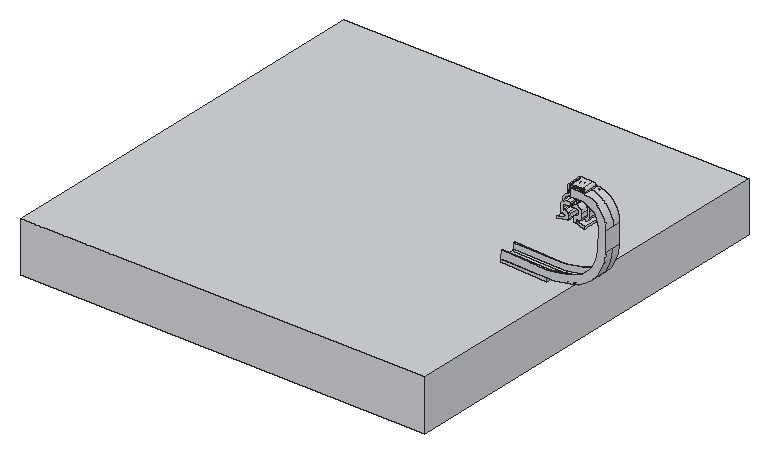
Revit family "CronsteinContactRail", category Обобщенные модели, Revit 2019
Family settings
  Основа = Грань
  Может служить основой для арматурных стержней = Нет
  Размер круглого соединителя = Использовать диаметр
  Тип детали = Нормальный
  При загрузке вырезать с полостями = Нет
  Общий = Нет
  Точка расчета площади = Нет
Parameters (values of type "CCRail")
  Default Elevation = 1219.2 mm
Reference planes
  plane 1 "По центру (Вперед/Назад)": y = 0
  plane 2: z = 0
  plane 3 "По центру (Влево/Вправо)": x = 0
Forms (mm)
  Extrusion 1, solid
    sketch origin (0, 0, 0) x (1, 0, 0) y (0, 1, 0)
      loop
        line (-1219.2, 1219.2) -> (-1219.2, -1219.2) -> (1219.2, -1219.2) -> (1219.2, 1219.2) -> (-1219.2, 1219.2)
    from 0 to -304.8
  Sweep 2, solid
    path origin (1001.145, -94.964, 23.295) x (0.99955, 0, -0.029986) y (0.029986, 0, 0.99955)
      loop
        line (225.956, 540) -> (289.956, 540)
        arc (289.956, 540) -> (396.022, 496.066) -> (439.956, 390) r 150
        line (439.956, 390) -> (439.956, 268)
        arc (439.956, 268) -> (382.918, 110.197) -> (238.956, 24) r 250
        line (238.956, 24) -> (144.956, 5)
        arc (144.956, 5) -> (120.086, 1.241) -> (94.964, 0) r 250
        line (94.964, 0) -> (-180.044, 0)
    profile origin (1275.177, -94.964, 555.317) x (0.029986, 0, 0.99955) y (0, -1, 0)
      loop
        line (0, 0) -> (0, 50) -> (-46, 50) -> (-46, 42.4) -> (-11.5, 42.4)
        arc (-11.5, 42.4) -> (-6.55, 40.35) -> (-4.5, 35.4) r 7
        line (-4.5, 35.4) -> (-4.5, -35.4)
        arc (-4.5, -35.4) -> (-6.55, -40.35) -> (-11.5, -42.4) r 7
        line (-11.5, -42.4) -> (-46, -42.4) -> (-46, -50) -> (0, -50) -> (0, 0)
  Sweep 3, solid
    path origin (1243.042, -94.964, 551.279) x (-0.029986, 0, -0.99955) y (0, -1, 0)
      loop
        line (4.5, 40) -> (4.5, 0) -> (4.5, -40)
    profile origin (1242.907, -74.964, 546.781) x (-0.029986, 0, -0.99955) y (-0.99955, 0, 0.029986)
      loop
        arc (28.5, -54) -> (36.985, -50.485) -> (40.5, -42) r 12
        line (40.5, -42) -> (40.5, -6)
        arc (40.5, -6) -> (36.985, 2.485) -> (28.5, 6) r 12
        line (28.5, 6) -> (-2.5, 6) -> (-4.5, 4) -> (-4.5, 3) -> (0.5, 0) -> (28.5, 0)
        arc (28.5, 0) -> (32.743, -1.757) -> (34.5, -6) r 6
        line (34.5, -6) -> (34.5, -42)
        arc (34.5, -42) -> (32.743, -46.243) -> (28.5, -48) r 6
        line (28.5, -48) -> (0.5, -48) -> (-3.899, -50.639) -> (-3.899, -52.601) -> (-2.5, -54) -> (28.5, -54)
  Sweep 4, solid
    path origin (1243.042, -94.964, 551.279) x (-0.029986, 0, -0.99955) y (0, -1, 0)
      loop
        line (46, -40) -> (46, 40)
    profile origin (1241.662, -94.964, 505.299) x (0.029986, 0, 0.99955) y (-0.99955, 0, 0.029986)
      loop
        arc (-91.2, 18.014) -> (-89.827, 18.353) -> (-89.021, 19.515) r 2
        line (-89.021, 19.515) -> (-84.612, 37.153)
        arc (-84.612, 37.153) -> (-80, 44.247) -> (-72, 47) r 13
        line (-72, 47) -> (-40, 47)
        arc (-40, 47) -> (-16.8, 39.096) -> (-3.252, 18.673) r 38
        line (-3.252, 18.673) -> (13.188, 6) -> (45, 6)
        arc (45, 6) -> (45.707, 5.707) -> (46, 5) r 1
        line (46, 5) -> (46, -12)
        arc (46, -12) -> (46.586, -13.414) -> (48, -14) r 2
        line (48, -14) -> (56, -14)
        arc (56, -14) -> (57.414, -13.414) -> (58, -12) r 2
        line (58, -12) -> (58, 5)
        arc (58, 5) -> (54.192, 14.192) -> (45, 18) r 13
        line (45, 18) -> (13.188, 18)
        arc (13.188, 18) -> (10.136, 19.04) -> (8.353, 21.727) r 5
        arc (8.353, 21.727) -> (-9.474, 48.6) -> (-40, 59) r 50
        line (-40, 59) -> (-72, 59)
        arc (-72, 59) -> (-89.678, 51.678) -> (-97, 34) r 25
        line (-97, 34) -> (-93.379, 19.515)
        arc (-93.379, 19.515) -> (-92.573, 18.353) -> (-91.2, 18.014) r 2
  Sweep 5, solid
    path origin (1291.02, -94.964, 549.839) x (-0.029986, 0, -0.99955) y (0, 1, 0)
      loop
        line (46, 40) -> (46, -40)
    profile origin (1289.641, -94.964, 503.86) x (-0.029986, 0, -0.99955) y (0.99955, 0, -0.029986)
      loop
        arc (91.2, 18.014) -> (92.573, 18.353) -> (93.379, 19.515) r 2
        line (93.379, 19.515) -> (97, 34)
        arc (97, 34) -> (89.678, 51.678) -> (72, 59) r 25
        line (72, 59) -> (40, 59)
        arc (40, 59) -> (9.474, 48.6) -> (-8.353, 21.727) r 50
        arc (-8.353, 21.727) -> (-10.136, 19.04) -> (-13.188, 18) r 5
        line (-13.188, 18) -> (-45, 18)
        arc (-45, 18) -> (-54.192, 14.192) -> (-58, 5) r 13
        line (-58, 5) -> (-58, -12)
        arc (-58, -12) -> (-57.414, -13.414) -> (-56, -14) r 2
        line (-56, -14) -> (-48, -14)
        arc (-48, -14) -> (-46.586, -13.414) -> (-46, -12) r 2
        line (-46, -12) -> (-46, 5)
        arc (-46, 5) -> (-45.707, 5.707) -> (-45, 6) r 1
        line (-45, 6) -> (-13.188, 6) -> (3.252, 18.673)
        arc (3.252, 18.673) -> (16.8, 39.096) -> (40, 47) r 38
        line (40, 47) -> (72, 47)
        arc (72, 47) -> (80, 44.247) -> (84.612, 37.153) r 13
        line (84.612, 37.153) -> (89.021, 19.515)
        arc (89.021, 19.515) -> (89.827, 18.353) -> (91.2, 18.014) r 2
  Sweep 6, solid
    path origin (1243.042, -94.964, 551.279) x (-0.029986, 0, -0.99955) y (0, -1, 0)
      loop
        line (46, -40) -> (46, 40)
    profile origin (1241.662, -94.964, 505.299) x (0.029986, 0, 0.99955) y (-0.99955, 0, 0.029986)
      loop
        line (59.5, -24) -> (59.5, -59.5)
        arc (59.5, -59.5) -> (57.157, -65.157) -> (51.5, -67.5) r 8
        line (51.5, -67.5) -> (14.5, -67.5) -> (11.5, -70.5) -> (11.5, -75.5) -> (51.5, -75.5)
        arc (51.5, -75.5) -> (62.814, -70.814) -> (67.5, -59.5) r 16
        line (67.5, -59.5) -> (67.5, -24) -> (67.5, 11.5)
        arc (67.5, 11.5) -> (62.814, 22.814) -> (51.5, 27.5) r 16
        line (51.5, 27.5) -> (11.5, 27.5) -> (11.5, 22.5) -> (14.5, 19.5) -> (51.5, 19.5)
        arc (51.5, 19.5) -> (57.157, 17.157) -> (59.5, 11.5) r 8
        line (59.5, 11.5) -> (59.5, -24)
  Sweep 7, solid
    path origin (1243.042, -94.964, 551.279) x (-0.029986, 0, -0.99955) y (0, -1, 0)
      loop
        line (46, -75) -> (46, 75)
    profile origin (1241.662, -94.964, 505.299) x (0.029986, 0, 0.99955) y (-0.99955, 0, 0.029986)
      loop
        arc (-92.185, -57) -> (-88.492, -58.271) -> (-86.364, -61.545) r 6
        line (-86.364, -61.545) -> (-81.405, -81.378)
        arc (-81.405, -81.378) -> (-77.866, -86.867) -> (-71.692, -89) r 10
        line (-71.692, -89) -> (-42.681, -89)
        arc (-42.681, -89) -> (-19.229, -79.399) -> (-9.5, -56) r 33
        line (-9.5, -56) -> (-9.5, -32)
        arc (-9.5, -32) -> (-11.711, -28.423) -> (-15.9, -28.8) r 4
        arc (-15.9, -28.8) -> (-19.5, -30) -> (-23.1, -28.8) r 6
        arc (-23.1, -28.8) -> (-27.289, -28.423) -> (-29.5, -32) r 4
        line (-29.5, -32) -> (-29.5, -56)
        arc (-29.5, -56) -> (-33.308, -65.193) -> (-42.5, -69) r 13
        line (-42.5, -69) -> (-59.596, -69)
        arc (-59.596, -69) -> (-62.673, -67.942) -> (-64.447, -65.213) r 5
        line (-64.447, -65.213) -> (-69.228, -46.09)
        arc (-69.228, -46.09) -> (-73.484, -39.542) -> (-80.869, -37) r 12
        line (-80.869, -37) -> (-99.254, -37)
        arc (-99.254, -37) -> (-104.177, -38.695) -> (-107.015, -43.06) r 8
        line (-107.015, -43.06) -> (-121.755, -102.02)
        arc (-121.755, -102.02) -> (-117.389, -109.296) -> (-110.113, -104.931) r 6
        line (-110.113, -104.931) -> (-99.267, -61.545)
        arc (-99.267, -61.545) -> (-97.138, -58.271) -> (-93.446, -57) r 6
        line (-93.446, -57) -> (-92.185, -57)
      loop
        line (-99.267, 13.544) -> (-110.113, 56.93)
        arc (-110.113, 56.93) -> (-117.389, 61.295) -> (-121.755, 54.019) r 6
        line (-121.755, 54.019) -> (-107.015, -4.941)
        arc (-107.015, -4.941) -> (-104.177, -9.306) -> (-99.254, -11) r 8
        line (-99.254, -11) -> (-80.869, -11)
        arc (-80.869, -11) -> (-73.484, -8.459) -> (-69.228, -1.911) r 12
        line (-69.228, -1.911) -> (-64.447, 17.212)
        arc (-64.447, 17.212) -> (-62.673, 19.941) -> (-59.596, 21) r 5
        line (-59.596, 21) -> (-42.5, 21)
        arc (-42.5, 21) -> (-33.308, 17.192) -> (-29.5, 8) r 13
        line (-29.5, 8) -> (-29.5, -16)
        arc (-29.5, -16) -> (-27.289, -19.578) -> (-23.1, -19.2) r 4
        arc (-23.1, -19.2) -> (-19.5, -18) -> (-15.9, -19.2) r 6
        arc (-15.9, -19.2) -> (-11.711, -19.578) -> (-9.5, -16) r 4
        line (-9.5, -16) -> (-9.5, 8)
        arc (-9.5, 8) -> (-19.165, 31.334) -> (-42.499, 41) r 33
        line (-42.499, 41) -> (-71.692, 41)
        arc (-71.692, 41) -> (-77.866, 38.867) -> (-81.405, 33.378) r 10
        line (-81.405, 33.378) -> (-86.364, 13.545)
        arc (-86.364, 13.545) -> (-88.492, 10.271) -> (-92.185, 9) r 6
        line (-92.185, 9) -> (-93.446, 9)
        arc (-93.446, 9) -> (-97.138, 10.271) -> (-99.267, 13.544) r 6
      loop
        circle (-19.5, -24) r 5.8
  Sweep 8, solid
    path origin (1095.207, 0, -8.213) x (0, -1, 0) y (0.99955, 0, -0.029986)
      loop
        line (44.964, 0) -> (44.964, -275.008)
    profile origin (957.764, -44.964, -4.09) x (0, -1, 0) y (0.029986, 0, 0.99955)
      loop
        line (0, 8.173) -> (100, 8.173) -> (100, 28.673) -> (0, 28.673) -> (0, 8.173)
Lines and regions (mm)
  symbolic lines
    curve 1: arc (0, 1233.381, 496.044) -> (0, 1209.767, 487.082) -> (0, 1199.406, 464.048) r 33
    curve 2: arc (0, 1329.342, 459.969) -> (0, 1320.449, 483.698) -> (0, 1297.353, 494.125) r 33
    curve 3: line (0, 1329.342, 459.969) -> (0, 1328.473, 430.971)
    curve 4: arc (0, 1320.563, 421.49) -> (0, 1326.156, 424.864) -> (0, 1328.473, 430.971) r 10
    curve 5: line (0, 1320.563, 421.49) -> (0, 1300.59, 417.129)
    curve 6: arc (0, 1295.873, 411.447) -> (0, 1297.254, 415.1) -> (0, 1300.59, 417.129) r 6
    curve 7: line (0, 1295.835, 410.186) -> (0, 1295.873, 411.447)
    curve 8: arc (0, 1300.203, 404.232) -> (0, 1296.994, 406.457) -> (0, 1295.835, 410.186) r 6
    curve 9: line (0, 1343.244, 392.089) -> (0, 1300.203, 404.232)
    curve 10: arc (0, 1339.986, 380.54) -> (0, 1347.389, 384.686) -> (0, 1343.244, 392.089) r 6
    curve 11: line (0, 1281.494, 397.041) -> (0, 1339.986, 380.54)
    curve 12: arc (0, 1275.67, 404.981) -> (0, 1277.216, 400.009) -> (0, 1281.494, 397.041) r 8
    curve 13: line (0, 1276.221, 423.357) -> (0, 1275.67, 404.981)
    curve 14: arc (0, 1285.656, 434.721) -> (0, 1278.983, 430.662) -> (0, 1276.221, 423.357) r 12
    curve 15: line (0, 1304.914, 438.926) -> (0, 1285.656, 434.721)
    curve 16: arc (0, 1308.845, 443.661) -> (0, 1307.694, 440.617) -> (0, 1304.914, 438.926) r 5
    curve 17: line (0, 1309.357, 460.75) -> (0, 1308.845, 443.661)
    curve 18: arc (0, 1296.753, 474.134) -> (0, 1305.827, 470.052) -> (0, 1309.357, 460.75) r 13
    curve 19: line (0, 1272.764, 474.853) -> (0, 1296.753, 474.134)
    curve 20: arc (0, 1269.757, 481.346) -> (0, 1269.254, 477.171) -> (0, 1272.764, 474.853) r 4
    curve 21: arc (0, 1269.973, 488.543) -> (0, 1271.065, 484.909) -> (0, 1269.757, 481.346) r 6
    curve 22: arc (0, 1269.973, 488.543) -> (0, 1269.721, 492.741) -> (0, 1273.363, 494.844) r 4
    curve 23: line (0, 1273.363, 494.844) -> (0, 1297.353, 494.125)
    curve 24: circle (0, 1265.067, 485.089) r 5.8 normal (-1, 0, 0)
    curve 25: arc (0, 1260.377, 488.831) -> (0, 1260.88, 493.007) -> (0, 1257.371, 495.324) r 4
    curve 26: line (0, 1257.371, 495.324) -> (0, 1233.381, 496.044)
    curve 27: arc (0, 1260.161, 481.634) -> (0, 1259.07, 485.268) -> (0, 1260.377, 488.831) r 6
    curve 28: arc (0, 1256.771, 475.333) -> (0, 1260.413, 477.436) -> (0, 1260.161, 481.634) r 4
    curve 29: line (0, 1232.782, 476.053) -> (0, 1256.771, 475.333)
    curve 30: arc (0, 1219.398, 463.448) -> (0, 1223.479, 472.522) -> (0, 1232.782, 476.053) r 13
    curve 31: line (0, 1218.885, 446.36) -> (0, 1219.398, 463.448)
    curve 32: arc (0, 1222.525, 441.398) -> (0, 1219.851, 443.252) -> (0, 1218.885, 446.36) r 5
    curve 33: line (0, 1241.496, 436.046) -> (0, 1222.525, 441.398)
    curve 34: arc (0, 1250.233, 424.137) -> (0, 1247.914, 431.595) -> (0, 1241.496, 436.046) r 12
    curve 35: line (0, 1249.682, 405.76) -> (0, 1250.233, 424.137)
    curve 36: arc (0, 1243.392, 398.185) -> (0, 1247.84, 400.89) -> (0, 1249.682, 405.76) r 8
    curve 37: line (0, 1184.016, 385.219) -> (0, 1243.392, 398.185)
    curve 38: arc (0, 1181.456, 396.943) -> (0, 1176.874, 389.801) -> (0, 1184.016, 385.219) r 6
    curve 39: line (0, 1225.147, 406.483) -> (0, 1181.456, 396.943)
    curve 40: arc (0, 1199.401, 463.868) -> (0, 1209.701, 487.02) -> (0, 1233.38, 496.044) r 33
    curve 41: line (0, 1199.401, 463.868) -> (0, 1198.53, 434.869)
    curve 42: arc (0, 1205.858, 424.932) -> (0, 1200.477, 428.634) -> (0, 1198.53, 434.869) r 10
    curve 43: line (0, 1205.858, 424.932) -> (0, 1225.533, 419.381)
    curve 44: arc (0, 1229.902, 413.426) -> (0, 1228.742, 417.155) -> (0, 1225.533, 419.381) r 6
    curve 45: arc (0, 1225.146, 406.483) -> (0, 1228.483, 408.513) -> (0, 1229.864, 412.165) r 6
Dimensions and locks
  profile plane to Sweep 2 sketch curve = 50 mm
  aligned and locked: plane 2 to Extrusion 1
  aligned and locked: level to Extrusion 1
